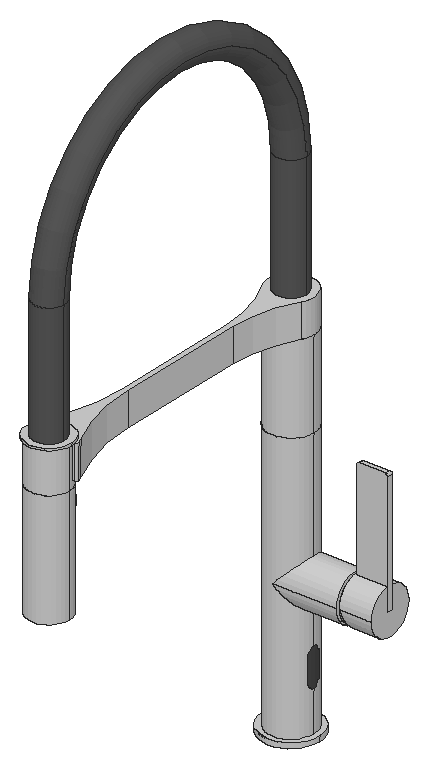
Revit family "LIANO II PULL DOWN SENSOR SINK MIXER", category Specialty Equipment, host Face, Revit 2019
Family settings
  Host = Face
  Round Connector Dimension = Use Radius
  Part Type = Normal
  OmniClass Number = 23.45.55.14
  OmniClass Title = Single Faucets
  Cut with Voids When Loaded = No
  Shared = No
  Room Calculation Point = No
Parameters (values of type "LIANO II PULL DOWN SENSOR SINK MIXER CHROME BLADE")
  URL = "https://www.caroma.com.au/"
  Pin_Handle = no
  Model = "96385C56A"
  Material_Sensor = GWA-Acrylic-Black
  Material_Hose = GWA-Plastic-Black
  Material_Base = GWA_Metal-Chrome
  Manufacturer = "GWA Bathrooms & Kitchens"  # constant formula
  Keynote = ""
  Description = "LIANO II PULL DOWN SENSOR SINK MIXER CHROME"
  Default Elevation = 1000 mm
  CreatedBy_ANZRS = "GWA Bathrooms & Kitchens"  # constant formula
  Blade_Handle = yes
  Assembly Code = "C1030220"
Types (3, lengths in mm): name | Pin_Handle | Blade_Handle
  (no name) | no | yes
  LIANO II PULL DOWN SENSOR SINK MIXER CHROME PIN | yes | no
  LIANO II PULL DOWN SENSOR SINK MIXER CHROME BLADE | no | yes
Reference planes
  plane 1 "Center (Front/Back)": y = 0
  plane 2: z = 0
  plane 3 "Center (Left/Right)": x = 0
  plane 4 "Button": through (0, -223.303, 286.402) normal (0, 0.9962, -0.0872)
Forms (mm)
  Extrusion 1, solid, material "GWA_Metal-Chrome" <- "Material_Base"
    sketch origin (0, 0, 0) x (1, 0, 0) y (0, 1, 0)
      loop
        circle (0, 0) r 22.5
    from 0 to 4
  Extrusion 2, solid, material "GWA_Metal-Chrome" <- "Material_Base"
    sketch origin (0, 0, 0) x (0, 1, 0) y (0, 0, 1)
      loop
        circle (0, 110) r 18
    from 0 to 50
  Revolve 3, solid, material "GWA_Metal-Chrome" <- "Material_Base"
    sketch origin (0, 0, 110) x (1, 0, 0) y (0, 1, 0)
      loop
        line (50, 0) -> (57.7, 0) -> (57.7, 13.5)
        arc (57.7, 13.5) -> (53.951, 15.26) -> (50, 16.5) r 30.7
        line (50, 16.5) -> (50, 0)
      axis (57.7, 0) -> (50, 0)
    angle from 0 to 360
  Extrusion 4, solid, material "GWA_Metal-Chrome" <- "Material_Base"
    sketch origin (0, 0, 0) x (0, 1, 0) y (0, 0, 1)
      loop
        circle (0, 110) r 18
    from 52 to 77
  Extrusion 5, void
    sketch origin (0, 0, 0) x (1, 0, 0) y (0, 0, 1)
      loop
        line (50, 110) -> (50, 87) -> (58.6, 87) -> (58.6, 92) -> (52, 110) -> (50, 110)
    from -25 to 25
  Extrusion 6, solid, material "GWA_Metal-Chrome" <- "Material_Base"
    sketch origin (0, 0, 0) x (1, 0, 0) y (0, 1, 0)
      loop
        circle (0, 0) r 18
    from 4 to 213.3
  Extrusion 7, solid, material "GWA_Metal-Chrome" <- "Material_Base"
    sketch origin (0, 0, 0) x (1, 0, 0) y (0, 1, 0)
      loop
        circle (0, 0) r 18
    from 213.3 to 307.5
  Extrusion 8, solid, material "GWA_Metal-Chrome" <- "Material_Base"
    sketch origin (0, 0, 0) x (1, 0, 0) y (0, 1, 0)
      loop
        arc (-15.757, -232.222) -> (0, -219) -> (15.757, -232.222) r 16
        line (15.757, -232.222) -> (17.836, -231.855)
        arc (17.836, -231.855) -> (19.047, -231.041) -> (19.256, -229.596) r 1.8
        arc (19.256, -229.596) -> (18.618, -227.693) -> (17.791, -225.864) r 20
        arc (17.791, -225.864) -> (6.004, -194.144) -> (2, -160.542) r 143
        line (2, -160.542) -> (2, -59.33)
        arc (2, -59.33) -> (5.449, -33.292) -> (15.559, -9.05) r 100
        arc (15.559, -9.05) -> (0, 18) -> (-15.559, -9.05) r 18
        arc (-15.559, -9.05) -> (-5.449, -33.292) -> (-2, -59.33) r 100
        line (-2, -59.33) -> (-2, -160.542)
        arc (-2, -160.542) -> (-6.004, -194.144) -> (-17.791, -225.864) r 143
        arc (-17.791, -225.864) -> (-18.618, -227.693) -> (-19.256, -229.596) r 20
        arc (-19.256, -229.596) -> (-19.047, -231.041) -> (-17.836, -231.855) r 1.8
        line (-17.836, -231.855) -> (-15.757, -232.222)
    from 281.5 to 307.5
  Extrusion 9, solid, material "GWA_Metal-Chrome" <- "Material_Base"
    sketch origin (0, 0, 0) x (1, 0, 0) y (0, 1, 0)
      loop
        circle (0, -235) r 17.5
    from 307.5 to 309
  Extrusion 10, solid, material "GWA_Metal-Chrome" <- "Material_Base"
    sketch origin (0, 0, 0) x (1, 0, 0) y (0, 1, 0)
      loop
        circle (0, -235) r 16
    from 185.5 to 275.5
  Extrusion 11, solid, material "GWA_Metal-Chrome" <- "Material_Base"
    sketch origin (103.773, -248.183, 151.688) x (0, 0.087156, 0.996195) y (1, 0, 0)
      loop
        line (67.73, -109.673) -> (108.93, -109.673)
        arc (108.93, -109.673) -> (114.83, -103.773) -> (108.93, -97.873) r 5.9
        line (108.93, -97.873) -> (67.73, -97.873)
        arc (67.73, -97.873) -> (61.83, -103.773) -> (67.73, -109.673) r 5.9
    from 13.045 to 22
  Extrusion 12, void
    sketch origin (20, 0, 0) x (1, 0, 0) y (0, 0, 1)
      loop
        arc (-26.4, 217.4) -> (-20, 211) -> (-13.6, 217.4) r 6.4
        line (-13.6, 217.4) -> (-13.6, 258.6)
        arc (-13.6, 258.6) -> (-20, 265) -> (-26.4, 258.6) r 6.4
        line (-26.4, 258.6) -> (-26.4, 217.4)
    from 209.649 to 235
  Extrusion 13, solid, material "GWA_Metal-Chrome" <- "Material_Base"
    sketch origin (0, -248.241, 1.36) x (0, 0.087156, 0.996195) y (1, 0, 0)
      loop
        arc (258.6, -3.9) -> (262.5, 0) -> (258.6, 3.9) r 3.9
        line (258.6, 3.9) -> (217.581, 3.9)
        arc (217.581, 3.9) -> (213.681, 0) -> (217.581, -3.9) r 3.9
        line (217.581, -3.9) -> (258.6, -3.9)
    from 9 to 11
  Sweep 14, solid, material "GWA_Metal-Chrome" <- "Material_Base"
    path origin (0, -246.473, 21.564) x (0, 0.087156, 0.996195) y (1, 0, 0)
      loop
        line (238.41, 5.9) -> (197.21, 5.9)
        arc (197.21, 5.9) -> (191.31, 0) -> (197.21, -5.9) r 5.9
        line (197.21, -5.9) -> (238.41, -5.9)
        arc (238.41, -5.9) -> (244.31, 0) -> (238.41, 5.9) r 5.9
    profile origin (5.9, -227.49, 238.544) x (-1, 0, 0) y (0, 0.996195, -0.087156)
      loop
        arc (2, 11) -> (0.586, 10.414) -> (0, 9) r 2
        line (0, 9) -> (2, 9) -> (2, 11)
  Sweep 15, solid, material "GWA-Plastic-Black" <- "Material_Hose"
    path origin (0, 0, 0) x (0, 1, 0) y (0, 0, 1)
      loop
        line (0, 307.5) -> (0, 403.5)
        arc (0, 403.5) -> (-117.5, 521) -> (-235, 403.5) r 117.5
        line (-235, 403.5) -> (-235, 309)
    profile origin (0, 0, 355.5) x (0, -1, 0) y (1, 0, 0)
      loop
        circle (0, 0) r 11.985
  Extrusion 16, void
    sketch origin (0, 0, 0) x (1, 0, 0) y (0, 1, 0)
      loop
        circle (0, -203) r 4.75
    from 270 to 282
  Extrusion 17, solid, material "GWA_Metal-Chrome" <- "Material_Base"
    sketch origin (0, 0, 0) x (1, 0, 0) y (0, 1, 0)
      loop
        circle (0, -235) r 16
    from 275.5 to 307.5
  Extrusion 18, solid, material "GWA_Metal-Chrome" <- "Material_Base", visible <- "Blade_Handle"
    sketch origin (0, 0, 0) x (1, 0, 0) y (0, 0, 1)
      loop
        line (77, 109.998) -> (77, 204)
        arc (77, 204) -> (76.414, 205.414) -> (75, 206) r 2
        line (75, 206) -> (55.001, 206)
        arc (55.001, 206) -> (53.587, 205.414) -> (53.001, 204) r 2
        line (53.001, 204) -> (53.001, 109.998) -> (77, 109.998)
    from -2 to 2
  Extrusion 19, void
    sketch origin (0, 0.048, 0) x (1, 0, 0) y (0, 1, 0)
      loop
        circle (65.5, -0.031) r 3.8
    from 90 to 93
  Revolve 20, solid, material "GWA_Metal-Chrome" <- "Material_Base"
    sketch origin (0, 0, 0) x (1, 0, 0) y (0, 0, 1)
      loop
        line (65.5, 93) -> (65.5, 91.3)
        arc (65.5, 91.3) -> (67.42, 91.413) -> (69.283, 91.892) r 10
        line (69.283, 91.892) -> (69.283, 93) -> (65.5, 93)
      axis (65.5, 91.3) -> (65.5, 93)
    angle from 0 to 360
  Extrusion 21, solid, material "GWA_Metal-Chrome" <- "Material_Base", visible <- "Pin_Handle"
    sketch origin (-12, 0, 0) x (1, 0, 0) y (0, 1, 0)
      loop
        circle (77, -0.031) r 4
    from 110 to 191
  Extrusion 22, void
    sketch origin (0, 0, 0) x (0, 1, 0) y (0, 0, 1)
      loop
        arc (5, 60.3) -> (0, 65.3) -> (-5, 60.3) r 5
        line (-5, 60.3) -> (-5, 40.3)
        arc (-5, 40.3) -> (0, 35.3) -> (5, 40.3) r 5
        line (5, 40.3) -> (5, 60.3)
    from 0 to 20
  Extrusion 23, solid, material "GWA-Acrylic-Black" <- "Material_Sensor"
    sketch origin (0, 0, 0) x (0, 1, 0) y (0, 0, 1)
      loop
        arc (5, 60.3) -> (0, 65.3) -> (-5, 60.3) r 5
        line (-5, 60.3) -> (-5, 40.3)
        arc (-5, 40.3) -> (0, 35.3) -> (5, 40.3) r 5
        line (5, 40.3) -> (5, 60.3)
    from 10 to 20
  Extrusion 24, void
    sketch origin (0, 0, 0) x (1, 0, 0) y (0, 1, 0)
      loop
        arc (0, 18) -> (18, 0) -> (0, -18) r 18
        line (0, -18) -> (0, -23) -> (30, -23) -> (30, 23) -> (0, 23) -> (0, 18)
    from 25 to 74.956
Cuts and joins
  Extrusion 5, Extrusion 22 cuts Extrusion 2
  Extrusion 22 cuts Extrusion 6
  joined: Extrusion 2, Extrusion 6
  Extrusion 5, Extrusion 19 cuts Extrusion 4
  Extrusion 12 cuts Extrusion 10
  Extrusion 16 cuts Extrusion 8
  joined: Extrusion 7, Extrusion 8
  Extrusion 24 cuts Extrusion 23
Lines and regions (mm)
  Masking region 1
    outline origin (0, 0, 0) x (1, 0, 0) y (0, 1, 0)
      loop
        arc (11.985, -19.042) -> (12.753, -18.537) -> (13.5, -18) r 22.5
        line (13.5, -18) -> (50, -18) -> (50, -16.5)
        arc (50, -16.5) -> (51.005, -16.249) -> (52.001, -15.961) r 28.7
        line (52.001, -15.961) -> (52.001, -18) -> (77, -18) -> (77, 17.937) -> (52.001, 17.937) -> (52.001, 15.961)
        arc (52.001, 15.961) -> (51.005, 16.249) -> (50, 16.5) r 28.7
        line (50, 16.5) -> (50, 18) -> (13.5, 18)
        arc (13.5, 18) -> (-18.537, 12.753) -> (-11.985, -19.042) r 22.5
        line (-11.985, -19.042) -> (-11.985, -213.04)
        arc (-11.985, -213.04) -> (-14.73, -219.523) -> (-17.791, -225.864) r 143
        arc (-17.791, -225.864) -> (-18.618, -227.693) -> (-19.256, -229.596) r 20
        arc (-19.256, -229.596) -> (-19.047, -231.041) -> (-17.836, -231.855) r 1.8
        line (-17.836, -231.855) -> (-15.412, -232.282)
        arc (-15.412, -232.282) -> (0, -250.65) -> (15.412, -232.282) r 15.65
        line (15.412, -232.282) -> (17.836, -231.855)
        arc (17.836, -231.855) -> (19.047, -231.041) -> (19.256, -229.596) r 1.8
        arc (19.256, -229.596) -> (18.618, -227.693) -> (17.791, -225.864) r 20
        arc (17.791, -225.864) -> (14.73, -219.523) -> (11.985, -213.04) r 143
        line (11.985, -213.04) -> (11.985, -19.042)
  Masking region 2
    outline origin (0, 0, 0) x (1, 0, 0) y (0, 1, 0)
      loop
        arc (-11.985, -235) -> (0, -246.985) -> (11.985, -235) r 11.985
        line (11.985, -235) -> (11.985, -222.248)
        arc (11.985, -222.248) -> (0, -252.5) -> (-11.985, -222.248) r 17.5
        line (-11.985, -222.248) -> (-11.985, -235)
  Masking region 3
    outline origin (0, 0, 0) x (1, 0, 0) y (0, 0, 1)
      loop
        line (11.985, 309) -> (11.985, 521)
        arc (11.985, 521) -> (0, 532.985) -> (-11.985, 521) r 11.985
        line (-11.985, 521) -> (-11.985, 309) -> (-17.5, 309) -> (-17.5, 307.5) -> (-19.323, 307.5) -> (-19.323, 281.5) -> (-18, 281.5) -> (-18, 4) -> (-22.5, 4) -> (-22.5, 0) -> (22.5, 0) -> (22.5, 4) -> (18, 4) -> (18, 86)
        arc (18, 86) -> (19.757, 90.243) -> (24, 92) r 6
        line (24, 92) -> (50, 92) -> (50, 93.5)
        arc (50, 93.5) -> (53.626, 94.594) -> (57.076, 96.156) r 28.7
        line (57.076, 96.156) -> (52.001, 109.998) -> (52.001, 125.961)
        arc (52.001, 125.961) -> (51.005, 126.249) -> (50, 126.5) r 28.7
        line (50, 126.5) -> (50, 128) -> (24, 128)
        arc (24, 128) -> (19.757, 129.757) -> (18, 134) r 6
        line (18, 134) -> (18, 281.5) -> (19.323, 281.5) -> (19.323, 307.5) -> (17.5, 307.5) -> (17.5, 309) -> (11.985, 309)
  Masking region 4, visible <- "Pin_Handle"
    outline origin (0, 0, 0) x (1, 0, 0) y (0, 0, 1)
      loop
        line (61.1, 128) -> (52.001, 128) -> (52.001, 109.998) -> (58.6, 92) -> (77, 92) -> (77, 128) -> (69, 128) -> (69, 191) -> (61.1, 191) -> (61.1, 128)
  Masking region 5
    outline origin (0, 0, 0) x (0, 1, 0) y (0, 0, 1)
      loop
        line (12, 307.5) -> (12, 403.5)
        arc (12, 403.5) -> (-117.5, 533) -> (-247, 403.5) r 129.5
        line (-247, 403.5) -> (-247, 309) -> (-252.5, 309) -> (-252.5, 307.5) -> (-251, 307.5) -> (-251, 185.5) -> (-219, 185.5) -> (-219, 212.237)
        arc (-219, 212.237) -> (-218.774, 212.687) -> (-218.667, 213.179) r 2
        line (-218.667, 213.179) -> (-214.396, 261.993)
        arc (-214.396, 261.993) -> (-214.856, 263.452) -> (-216.214, 264.159) r 2
        line (-216.214, 264.159) -> (-219, 264.403) -> (-219, 281.5) -> (-18, 281.5) -> (-18, 4) -> (-22.5, 4) -> (-22.5, 0) -> (22.5, 0) -> (22.5, 4) -> (18, 4) -> (18, 307.5) -> (12, 307.5)
      loop
        line (-12, 307.5) -> (-12, 403.5)
        arc (-12, 403.5) -> (-117.5, 509) -> (-223, 403.5) r 105.5
        line (-223, 403.5) -> (-223, 309) -> (-217.5, 309) -> (-217.5, 307.5) -> (-12, 307.5)
  Masking region 6, visible <- "Blade_Handle"
    outline origin (0, 0, 0) x (1, 0, 0) y (0, 0, 1)
      loop
        line (77, 128) -> (77, 204)
        arc (77, 204) -> (76.414, 205.414) -> (75, 206) r 2
        line (75, 206) -> (55.001, 206)
        arc (55.001, 206) -> (53.587, 205.414) -> (53.001, 204) r 2
        line (53.001, 204) -> (53.001, 128) -> (77, 128)
  symbolic lines
    curve 1: line (52.001, 17.937, 0) -> (77, 17.937, 0)
    curve 2: line (52.001, -18, 0) -> (52.001, 17.937, 0)
    curve 3: line (77, -18, 0) -> (52.001, -18, 0)
    curve 4: line (77, 17.937, 0) -> (77, -18, 0)
    curve 5: line (50, 18, 0) -> (0, 18, 0)
    curve 6: line (50, -18, 0) -> (50, 18, 0)
    curve 7: line (11.985, -18, 0) -> (50, -18, 0)
    curve 8: arc (11.985, -15.772, 0) -> (13.708, -12.377, 0) -> (15.559, -9.05, 0) r 100
    curve 9: arc (-15.559, -9.05, 0) -> (-13.708, -12.377, 0) -> (-11.985, -15.772, 0) r 100
    curve 10: arc (15.559, -9.05, 0) -> (0, 18, 0) -> (-15.559, -9.05, 0) r 18
    curve 11: arc (13.5, 18, 0) -> (-18.537, 12.753, 0) -> (-11.985, -19.042, 0) r 22.5
    curve 12: arc (11.985, -19.042, 0) -> (12.753, -18.537, 0) -> (13.5, -18, 0) r 22.5
    curve 13: line (11.985, 0, 0) -> (11.985, -235, 0)
    curve 14: line (-11.985, -235, 0) -> (-11.985, 0, 0)
    curve 15: arc (-11.985, 0, 0) -> (0, 11.985, 0) -> (11.985, 0, 0) r 11.985
    curve 16: arc (-11.985, -213.04, 0) -> (-14.73, -219.523, 0) -> (-17.791, -225.864, 0) r 143
    curve 17: arc (-17.791, -225.864, 0) -> (-18.618, -227.693, 0) -> (-19.256, -229.596, 0) r 20
    curve 18: arc (-19.256, -229.596, 0) -> (-19.047, -231.041, 0) -> (-17.836, -231.855, 0) r 1.8
    curve 19: arc (-11.985, -222.248, 0) -> (0, -252.5, 0) -> (11.985, -222.248, 0) r 17.5
    curve 20: arc (-11.985, -235, 0) -> (0, -246.985, 0) -> (11.985, -235, 0) r 11.985
    curve 21: arc (17.791, -225.864, 0) -> (14.73, -219.523, 0) -> (11.985, -213.04, 0) r 143
    curve 22: arc (19.256, -229.596, 0) -> (18.618, -227.693, 0) -> (17.791, -225.864, 0) r 20
    curve 23: arc (17.836, -231.855, 0) -> (19.047, -231.041, 0) -> (19.256, -229.596, 0) r 1.8
    curve 24: line (17.234, -231.961, 0) -> (17.836, -231.855, 0)
    curve 25: line (-17.836, -231.855, 0) -> (-17.234, -231.961, 0)
    curve 26: arc (50, 16.5, 0) -> (51.005, 16.249, 0) -> (52.001, 15.961, 0) r 28.7
    curve 27: arc (50, -16.5, 0) -> (51.005, -16.249, 0) -> (52.001, -15.961, 0) r 28.7
    curve 29: line (11.985, 0, 521) -> (11.985, 0, 309)
    curve 30: line (-11.985, 0, 521) -> (-11.985, 0, 309)
    curve 31: line (-22.5, 0, 4) -> (22.5, 0, 4)
    curve 32: line (-22.5, 0, 0) -> (-22.5, 0, 4)
    curve 33: line (22.5, 0, 0) -> (-22.5, 0, 0)
    curve 34: line (22.5, 0, 4) -> (22.5, 0, 0)
    curve 35: line (52.001, 0, 128) -> (61.1, 0, 128)
    curve 37: line (69, 0, 128) -> (77, 0, 128)
    curve 38: line (77, 0, 128) -> (77, 0, 92)
    curve 39: line (77, 0, 92) -> (58.6, 0, 92)
    curve 40: line (58.6, 0, 92) -> (52.001, 0, 109.998)
    curve 41: line (52.001, 0, 109.998) -> (52.001, 0, 128)
    curve 42: line (50, 0, 92) -> (24, 0, 92)
    curve 43: line (24, 0, 128) -> (50, 0, 128)
    curve 44: line (18, 0, 4) -> (18, 0, 86)
    curve 45: line (-18, 0, 4) -> (-18, 0, 281.5)
    curve 46: line (-19.323, 0, 281.5) -> (-16, 0, 281.5)
    curve 47: line (-17.5, 0, 309) -> (17.5, 0, 309)
    curve 48: line (-17.5, 0, 307.5) -> (-17.5, 0, 309)
    curve 49: line (17.5, 0, 309) -> (17.5, 0, 307.5)
    curve 50: line (19.323, 0, 307.5) -> (-19.323, 0, 307.5)
    curve 51: line (-19.323, 0, 307.5) -> (-19.323, 0, 281.5)
    curve 52: line (19.323, 0, 307.5) -> (19.323, 0, 281.5)
    curve 53: line (-16, 0, 307.5) -> (-16, 0, 185.5)
    curve 54: line (-16, 0, 185.5) -> (16, 0, 185.5)
    curve 55: line (16, 0, 185.5) -> (16, 0, 307.5)
    curve 56: arc (50, 0, 126.5) -> (51.005, 0, 126.249) -> (52.001, 0, 125.961) r 28.7
    curve 57: arc (50, 0, 93.5) -> (53.626, 0, 94.594) -> (57.076, 0, 96.156) r 28.7
    curve 58: line (50, 0, 128) -> (50, 0, 92)
    curve 62: line (18, 0, 134) -> (18, 0, 281.5)
    curve 63: line (16, 0, 281.5) -> (19.323, 0, 281.5)
    curve 64: arc (11.985, 0, 521) -> (0, 0, 532.985) -> (-11.985, 0, 521) r 11.985
    curve 65: arc (18, 0, 134) -> (19.757, 0, 129.757) -> (24, 0, 128) r 6
    curve 66: arc (24, 0, 92) -> (19.757, 0, 90.243) -> (18, 0, 86) r 6
    curve 67: line (16, 0, 275.5) -> (-16, 0, 275.5)
    curve 68: line (0, -22.5, 4) -> (0, 22.5, 4)
    curve 69: line (0, -22.5, 0) -> (0, -22.5, 4)
    curve 70: line (0, 22.5, 0) -> (0, -22.5, 0)
    curve 71: line (0, 22.5, 4) -> (0, 22.5, 0)
    curve 72: line (0, -18, 281.5) -> (0, -18, 4)
    curve 73: line (0, 18, 307.5) -> (0, 18, 4)
    curve 74: line (0, 18, 307.5) -> (0, -232.222, 307.5)
    curve 75: line (0, -232.222, 307.5) -> (0, -232.222, 281.5)
    curve 76: line (0, -232.222, 281.5) -> (0, -9.05, 281.5)
    curve 77: line (0, -251, 185.5) -> (0, -251, 307.5)
    curve 78: line (0, -217.5, 309) -> (0, -252.5, 309)
    curve 79: line (0, -252.5, 309) -> (0, -252.5, 307.5)
    curve 80: line (0, -252.5, 307.5) -> (0, -232.222, 307.5)
    curve 81: line (0, -217.5, 309) -> (0, -217.5, 307.5)
    curve 82: line (0, -219, 185.5) -> (0, -219, 281.5)
    curve 83: line (0, -216.214, 264.159) -> (0, -219, 264.403)
    curve 84: line (0, -214.396, 261.993) -> (0, -218.667, 213.179)
    curve 88: circle (0, 0, 110) r 18 normal (1, 0, 0)
    curve 89: line (0, -251, 185.5) -> (0, -219, 185.5)
    curve 90: line (0, -251, 275.5) -> (0, -219, 275.5)
    curve 91: arc (0, -216.214, 264.159) -> (0, -214.856, 263.452) -> (0, -214.396, 261.993) r 2
    curve 92: arc (0, -218.667, 213.179) -> (0, -218.774, 212.687) -> (0, -219, 212.237) r 2
    curve 93: line (0, -247, 309) -> (0, -247, 403.5)
    curve 94: line (0, -223, 309) -> (0, -223, 403.5)
    curve 95: arc (0, -12, 403.5) -> (0, -117.5, 509) -> (0, -223, 403.5) r 105.5
    curve 96: arc (0, 12, 403.5) -> (0, -117.5, 533) -> (0, -247, 403.5) r 129.5
    curve 97: line (0, 12, 403.5) -> (0, 12, 307.5)
    curve 98: line (0, -12, 403.5) -> (0, -12, 307.5)
    curve 99: line (0, -18, 213.3) -> (0, 18, 213.3)
    curve 111: line (0, -3.783, 92.402) -> (0, -3.783, 91.892)
    curve 112: arc (0, -3.783, 91.892) -> (0, 0, 91.149) -> (0, 3.783, 91.892) r 10
    curve 113: line (0, 3.783, 91.892) -> (0, 3.783, 92.402)
    curve 114: line (0, -5, 40.3) -> (0, -5, 60.3)
    curve 115: arc (0, 5, 60.3) -> (0, 0, 65.3) -> (0, -5, 60.3) r 5
    curve 116: line (0, 5, 40.3) -> (0, 5, 60.3)
    curve 117: arc (0, -5, 40.3) -> (0, 0, 35.3) -> (0, 5, 40.3) r 5
  symbolic lines, visible <- "Pin_Handle"
    curve 28: circle (65.05, 0, 0) r 3.95 normal (0, 0, 1)
    curve 36: arc (61.1, 0, 128) -> (65.05, 0, 127.359) -> (69, 0, 128) r 12.5
    curve 59: line (61.1, 0, 128) -> (61.1, 0, 191)
    curve 60: line (61.1, 0, 191) -> (69, 0, 191)
    curve 61: line (69, 0, 191) -> (69, 0, 128)
    curve 85: line (0, -3.95, 191) -> (0, 3.95, 191)
    curve 86: line (0, 3.95, 191) -> (0, 3.95, 127.561)
    curve 87: line (0, -3.95, 191) -> (0, -3.95, 127.561)
  symbolic lines, visible <- "Blade_Handle"
    curve 100: line (53, 2, 0) -> (77, 2, 0)
    curve 101: line (53, -2, 0) -> (53, 2, 0)
    curve 102: line (77, -2, 0) -> (53, -2, 0)
    curve 103: line (0, -2, 206) -> (0, 2, 206)
    curve 104: line (0, 2, 206) -> (0, 2, 127.889)
    curve 105: line (0, -2, 206) -> (0, -2, 127.889)
    curve 106: line (77, 0, 128) -> (77, 0, 204)
    curve 107: arc (77, 0, 204) -> (76.414, 0, 205.414) -> (75, 0, 206) r 2
    curve 108: line (75, 0, 206) -> (55.001, 0, 206)
    curve 109: arc (55.001, 0, 206) -> (53.587, 0, 205.414) -> (53.001, 0, 204) r 2
    curve 110: line (53.001, 0, 204) -> (53.001, 0, 128)
Dimensions and locks
  aligned and locked: plane 2 to host face
  aligned and locked: level to host face
Connectors
  piping at (10, 0, 0), diameter 20
    settings: index 1, connector inside diameter 609.6 mm, connector length 0 mm, flow factor 0, pipe flow 0.0 L/s, pressure drop 0.0 Pa, fitting loss kfactor 0, connector angle 0.00°, fixture units 0, engagement length 0 mm, angle of deflection 0.00°, flow configuration 3, flow direction 1, fitting loss method 0, system type 20, joint type 0, gender type 0, connector reference index -1, connector utility 0, adjustable connector no, is connector primary yes, connector description ""
  piping at (-10, 0, 0), diameter 20
    settings: index 2, connector inside diameter 609.6 mm, connector length 0 mm, flow factor 0, pipe flow 0.0 L/s, pressure drop 0.0 Pa, fitting loss kfactor 0, connector angle 0.00°, fixture units 0, engagement length 0 mm, angle of deflection 0.00°, flow configuration 3, flow direction 1, fitting loss method 0, system type 19, joint type 0, gender type 0, connector reference index -1, connector utility 0, adjustable connector no, is connector primary no, connector description ""
